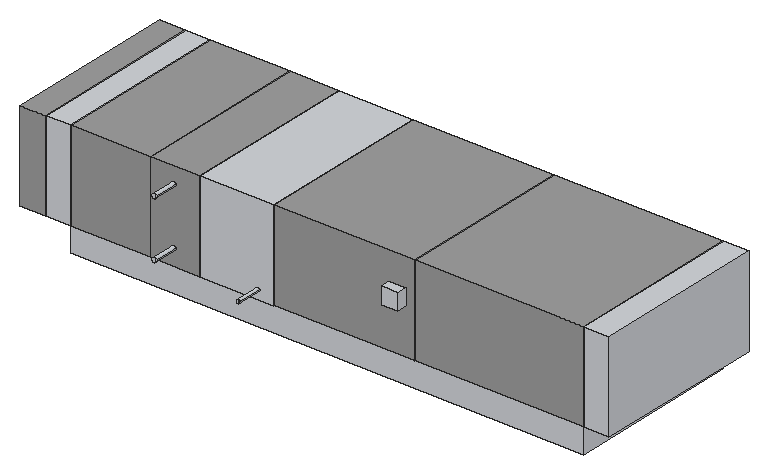
Revit family "Приточная система с водяным нагревом фреоновым охлаждением", category Оборудование, Revit 2021
Family settings
  Размер круглого соединителя = Использовать диаметр
  Классификация = Нет
  Тип детали = Нормальный
  На основе рабочей плоскости = Нет
  Всегда вертикально = Да
  При загрузке вырезать с полостями = Нет
  Общий = Нет
  Точка принадлежности помещению = Нет
Parameters (values of type "1А")
  Ширина ГВ = ADSK_Размер_Ширина  # 850 mm
  Сторона обслуживания [instance] = "Справа"
  Слив конденсата = 15 mm
  Подключение охладителя [instance] = 0 mm
  Подключение нагревателя G [instance] = 20 mm
  Подключение испарителя K [instance] = 16 mm
  Подключение испарителя E = 12 mm
  Отметка по умолчанию = 0 mm
  Коллектор испарителя выход = "1 х 16мм"
  Коллектор испарителя вход = "1 х 12мм"
  Длина секции испарителя [instance] = 361 mm
  Длина секции испарителя CF = 0 mm
  Длина гибкой встаки = 125 mm
  Длина секции шумоглушения SL [instance] = 825 mm
  Длина секции нагревателя HW [instance] = 240 mm
  Длина клапана FC = 120 mm
  Длина секции вентилятора FA [instance] = 690 mm
  Длина секции фильтра F [instance] = 390 mm
  Высота рамы = 0 mm
  Высота ГВ = ADSK_Размер_Высота  # 440 mm
  ADSK_Частота вращения двигателя = 2835
  ADSK_Тип воздушного фильтра [instance] = "G3"
  ADSK_Свободный напор воздуха = 400.0 Pa
  ADSK_Расход холодоносителя = 0.0 m³/h
  ADSK_Расход теплоносителя = 0.82 m³/h
  ADSK_Расход воздуха приточный [instance] = 1200.0 m³/h
  ADSK_Размер_Ширина = 850 mm
  ADSK_Размер_Высота = 440 mm
  ADSK_Полная мощность [instance] = 0.55 kW
  ADSK_Обозначение = "П4.1"
  ADSK_Напряжение = 380 V
  ADSK_Наименование краткое [instance] = "1А"
  ADSK_Масса = 244
Types (17, lengths in mm): name | Ширина ГВ | Слив конденсата | Подключение нагревателя G | Подключение испарителя K | Подключение испарителя E | Коллектор испарителя выход | Коллектор испарителя вход | Длина секции испарителя | Длина секции шумоглушения SL | Длина секции нагревателя HW | Длина секции вентилятора FA | Высота рамы | Высота ГВ | ADSK_Частота вращения двигателя | ADSK_Расход теплоносителя | ADSK_Расход воздуха приточный | ADSK_Размер_Ширина | ADSK_Размер_Высота | ADSK_Полная мощность | ADSK_Обозначение | ADSK_Наименование краткое | ADSK_Масса
  1А | 850 | 15 | 20 | 16 | 12 | "1 х 16мм" | "1 х 12мм" | 361 | 825 | 240 | 690 | 0 | 440 | 2835 | 0.82 m³/h | 1200.0 m³/h | 850 | 440 | 0.55 kW | "П4.1" | "1А" | 244
  2А | 980 | 15 | 20 | 22 | 15 | "1 х 22мм" | "1 х 15мм" | 361 | 825 | 240 | 740 | 0 | 505 | 2830 | 1.71 m³/h | 2500.0 m³/h | 980 | 505 | 1.1 kW | "П4.2" | "2A" | 293
  16B | 2580 | 25 | 65 | 35 | 28 | "4 х 35мм" | "4 х 28мм" | 401 | 862 | 336 | 2440 | 120 | 2580 | 1460 | 23.21 m³/h | 34000.0 m³/h | 2580 | 2580 | 15.0 kW | "П4.16" | "16B" | 1862
  3A | 1080 | 15 | 20 | 22 | 16 | "1 х 22мм" | "1 х 16мм" | 361 | 825 | 240 | 820 | 120 | 695 | 2880 | 2.39 m³/h | 3500.0 m³/h | 1080 | 695 | 1.5 kW | "П4.3" | "3А" | 347
  4A | 1360 | 15 | 25 | 22 | 16 | "1 х 22мм" | "1 х 16мм" | 361 | 825 | 240 | 820 | 120 | 695 | 2880 | 3.07 m³/h | 4500.0 m³/h | 1360 | 695 | 2.2 kW | "П4.4" | "4A" | 402
  5A | 1360 | 15 | 25 | 22 | 16 | "1 х 22мм" | "1 х 16мм" | 361 | 825 | 240 | 850 | 120 | 803 | 2905 | 3.75 m³/h | 5500.0 m³/h | 1360 | 803 | 3.0 kW | "П4.5" | "5A" | 436
  6A | 1580 | 15 | 32 | 35 | 28 | "1 х 35мм" | "1 х 28мм" | 361 | 825 | 240 | 1350 | 120 | 803 | 1455 | 4.4 m³/h | 6500.0 m³/h | 1580 | 803 | 2.2 kW | "П4.6" | "6A" | 525
  7A | 1580 | 15 | 32 | 28 | 22 | "1 х 28мм" | "1 х 22мм" | 361 | 825 | 240 | 1250 | 120 | 990 | 2945 | 5.12 m³/h | 7500.0 m³/h | 1580 | 990 | 4.0 kW | "П4.7" | "7A" | 561
  8A | 1950 | 15 | 32 | 28 | 22 | "1 х 28мм" | "1 х 22мм" | 361 | 825 | 240 | 1380 | 120 | 990 | 1455 | 6.14 m³/h | 9000.0 m³/h | 1950 | 990 | 3.0 kW | "П4.8" | "8A" | 663.3
  9A | 2160 | 15 | 32 | 42 | 28 | "2 х 42мм" | "2 х 28мм" | 361 | 825 | 240 | 1555 | 120 | 1095 | 1460 | 8.19 m³/h | 12000.0 m³/h | 2160 | 1095 | 4.0 kW | "П4.9" | "9A" | 768
  10B | 2040 | 25 | 40 | 35 | 28 | "2 х 35мм" | "2 х 28мм" | 401 | 862 | 281 | 1635 | 120 | 1360 | 1465 | 9.56 m³/h | 14000.0 m³/h | 2040 | 1360 | 5.5 kW | "П4.10" | "10B" | 934.5
  12B | 2040 | 15 | 50 | 20 | 20 | "2 х 35мм" | "2 х 28мм" | 401 | 862 | 305 | 1945 | 120 | 1680 | 1470 | 12.97 m³/h | 19000.0 m³/h | 2040 | 1680 | 11.0 kW | "П4.12" | "12B" | 1110
  11B | 2580 | 25 | 50 | 35 | 28 | "2 х 35мм" | "2 х 28мм" | 401 | 862 | 305 | 1635 | 120 | 1360 | 1465 | 10.92 m³/h | 16000.0 m³/h | 2580 | 1360 | 7.5 kW | "П4.11" | "11B" | 1105
  13B | 2040 | 25 | 50 | 35 | 28 | "3 х 35мм" | "3 х 28мм" | 426 | 862 | 305 | 1945 | 120 | 2040 | 1465 | 15.02 m³/h | 22000.0 m³/h | 2040 | 2040 | 11.0 kW | "П4.13" | "13B" | 1219
  14B | 2580 | 25 | 65 | 35 | 28 | "2 х 35мм" | "2 х 28мм" | 401 | 862 | 305 | 1990 | 120 | 1680 | 1460 | 19.8 m³/h | 29000.0 m³/h | 2580 | 1680 | 15.0 kW | "П4.14" | "14B" | 1307.5
  15B | 2580 | 25 | 50 | 35 | 28 | "3 х 35мм" | "3 х 28мм" | 401 | 862 | 305 | 2120 | 120 | 2040 | 1470 | 21.16 m³/h | 31000.0 m³/h | 2580 | 2040 | 18.5 kW | "П4.15" | "15B" | 1528
  13В | 2040 | 25 | 50 | 35 | 28 | "3 х 35мм" | "3 х 28мм" | 426 | 862 | 305 | 2170 | 120 | 2040 | 975 | 17.07 m³/h | 25000.0 m³/h | 2040 | 2040 | 11.0 kW | "П4.13" | "13B" | 1369
Reference planes
  plane 1 "По центру (Вперед/Назад)": y = 0
  plane 2: z = -120
  plane 3 "По центру (Влево/Вправо)": x = 0
  plane 4 "Ширина": y = -850
  plane 5: x = 510
  plane 6 "Высота": z = 320
  plane 7: x = 750
  plane 8: x = 1801
  plane 9: x = 2626
  plane 10: x = 0
  plane 11: x = -125
  plane 12: x = 2626
  plane 13: z = -120
  plane 14: z = -120
  plane 15: x = 2751
  plane 16: x = 0
  plane 17 "клапан": x = 120
  plane 18 "Рама": z = -240
  plane 19: x = 1111
Forms (mm)
  Extrusion 1, solid, material "По умолчанию"
    sketch origin (0, 0, 0) x (1, 0, 0) y (0, 0, 1)
      loop
        line (120, -120) -> (510, -120) -> (510, 320) -> (120, 320) -> (120, -120)
    from 0 <- "Отметка по умолчанию" to 850 <- "ADSK_Размер_Ширина"
  Extrusion 2, solid, material "По умолчанию"
    sketch origin (390, 0, 0) x (1, 0, 0) y (0, 0, 1)
      loop
        line (120, -120) -> (360, -120) -> (360, 320) -> (120, 320) -> (120, -120)
    from 0 to 850 <- "ADSK_Размер_Ширина"
  Extrusion 3, solid, material "По умолчанию"
    sketch origin (910, 0, 0) x (1, 0, 0) y (0, 0, 1)
      loop
        line (201, -120) -> (891, -120) -> (891, 320) -> (201, 320) -> (201, -120)
    from 0 to 850 <- "ADSK_Размер_Ширина"
  Extrusion 4, solid, material "По умолчанию"
    sketch origin (1570, 0, 0) x (1, 0, 0) y (0, 0, 1)
      loop
        line (231, -120) -> (1056, -120) -> (1056, 320) -> (231, 320) -> (231, -120)
    from 0 to 850 <- "ADSK_Размер_Ширина"
  Extrusion 5, solid, material "По умолчанию"
    sketch origin (-570, 0, 0) x (1, 0, 0) y (0, 0, 1)
      loop
        line (570, 320) -> (445, 320) -> (445, -120) -> (570, -120) -> (570, 320)
    from 0 to 850 <- "Ширина ГВ"
  Extrusion 6, solid
    sketch origin (610, -850, 0) x (1, 0, 0) y (0, 0, 1)
      loop
        circle (15, -40) r 10
      loop
        circle (15, 240) r 10
    from 0 to 120
  Extrusion 7, solid
    sketch origin (900, -850, 0) x (1, 0, 0) y (0, 0, 1)
      loop
        line (779.169, 185) -> (779.169, 105) -> (859.169, 105) -> (859.169, 185) -> (779.169, 185)
    from 0 to 50
  Extrusion 8, solid
    sketch origin (0, 0, 0) x (1, 0, 0) y (0, 0, 1)
      loop
        line (2751, -120) -> (2751, 320) -> (2626, 320) -> (2626, -120) -> (2751, -120)
    from 0 to 850 <- "Ширина ГВ"
  Extrusion 9, solid
    sketch origin (0, -850, 0) x (-1, 0, 0) y (0, 0, 1)
      loop
        line (0, -120) -> (0, 320) -> (-120, 320) -> (-120, -120) -> (0, -120)
    from 0 to 850 <- "ADSK_Размер_Ширина"
  Extrusion 10, solid
    sketch origin (0, 0, 0) x (1, 0, 0) y (0, 0, 1)
      loop
        line (120, -240) -> (2626, -240) -> (2626, -120) -> (120, -120) -> (120, -240)
    from 0 to 850 <- "ADSK_Размер_Ширина"
  Extrusion 11, solid
    sketch origin (0, 0, 0) x (1, 0, 0) y (0, 0, 1)
      loop
        line (750, 320) -> (750, -120) -> (1111, -120) -> (1111, 320) -> (750, 320)
    from 0 to 850 <- "ADSK_Размер_Ширина"
  Extrusion 12, solid, not visible
    sketch origin (930, -850, 0) x (1, 0, 0) y (0, 0, 1)
      loop
        circle (0.5, -40) r 8
      loop
        circle (0.5, 240) r 6
    from 0 to 120
  Extrusion 13, solid
    sketch origin (0, 0, 0) x (1, 0, 0) y (0, 0, 1)
      loop
        circle (1035.309, -77.394) r 7.5
    from 850 to 970
Dimensions and locks
  Extrusion 1 sketch curve to Extrusion 1 sketch curve = 440 mm
  "ADSK_Размер_Высота": level to plane 6 "Высота"
  "Длина секции нагревателя HW": plane 7 to plane 5
  "Длина секции вентилятора FA": plane 8 to plane 19
  "Длина секции шумоглушения SL": plane 9 to plane 8
  Extrusion 2 sketch curve to Extrusion 2 sketch curve = 440 mm
  Extrusion 3 sketch curve to Extrusion 3 sketch curve = 440 mm
  Extrusion 4 sketch curve to Extrusion 4 sketch curve = 440 mm
  "ADSK_Размер_Ширина": plane 1 "По центру (Вперед/Назад)" to plane 4 "Ширина"
  plane 3 "По центру (Влево/Вправо)" to plane 10 = 0 mm
  "Длина гибкой встаки": plane 10 to plane 11
  locked: plane 6 "Высота" to Extrusion 6 sketch curve at 80
  locked: Extrusion 6 sketch curve to level at 80
  equal spacing: plane 7, Extrusion 6 sketch curve, plane 5  (x2)
  locked: Extrusion 7 sketch curve to Extrusion 7 sketch curve at 80  (x2)
  locked: plane 6 "Высота" to Extrusion 7 sketch curve at 135
  plane 8 to Extrusion 7 sketch curve = 41.831 mm
  locked: plane 4 "Ширина" to Extrusion 7 at 50
  level to plane 14 = 0 mm
  "Высота ГВ": Extrusion 5 sketch curve to Extrusion 5 sketch curve
  "Длина гибкой встаки": plane 15 to plane 12
  "Высота ГВ": Extrusion 8 sketch curve to Extrusion 8 sketch curve
  Extrusion 8 sketch curve to level = 0 mm
  "Длина секции испарителя CF": plane 16 to plane 3 "По центру (Влево/Вправо)"
  level to Extrusion 1 = 440 mm
  "Длина клапана FC": plane 17 "клапан" to plane 16
  "Длина секции фильтра F": plane 5 to plane 17 "клапан"
  "Длина секции испарителя": plane 19 to plane 7
  equal spacing: plane 19, Extrusion 12 sketch curve, plane 7  (x2)
  Extrusion 5 to Extrusion 9 = 125 mm  (x2)
  Extrusion 9 to Extrusion 9 = 120 mm  (x2)
  Extrusion 2 to Extrusion 9 = 390 mm
  Extrusion 2 to Extrusion 11 = 240 mm
  Extrusion 11 to Extrusion 11 = 361 mm
  Extrusion 4 to Extrusion 11 = 690 mm
  Extrusion 4 to Extrusion 8 = 825 mm
  Extrusion 8 to Extrusion 8 = 125 mm
  "Подключение нагревателя G": diameter of Extrusion 6 sketch curve  (x2)
  "Подключение испарителя E": diameter of Extrusion 12 sketch curve
  "Подключение испарителя K": diameter of Extrusion 12 sketch curve
  "Слив конденсата": diameter of Extrusion 13 sketch curve
  aligned and locked: level to plane 2
  aligned and locked: plane 5 to Extrusion 1
  aligned and locked: plane 6 "Высота" to Extrusion 1
  aligned and locked: Extrusion 1 to level
  aligned and locked: Extrusion 1 to plane 4 "Ширина"
  aligned and locked: plane 7 to Extrusion 2
  aligned and locked: plane 8 to Extrusion 3
  aligned and locked: plane 9 to Extrusion 4
  aligned and locked: Extrusion 2 to Extrusion 1  (x2)
  aligned and locked: Extrusion 4 to plane 8
  aligned and locked: Extrusion 4 to Extrusion 1
  aligned and locked: Extrusion 3 to Extrusion 1
  aligned and locked: Extrusion 1 to Extrusion 2
  aligned and locked: Extrusion 1 to Extrusion 3
  aligned and locked: Extrusion 1 to Extrusion 4
  aligned and locked: Extrusion 2 to level
  aligned and locked: Extrusion 3 to level
  aligned and locked: Extrusion 4 to level
  aligned and locked: plane 4 "Ширина" to Extrusion 7
  aligned and locked: plane 10 to Extrusion 5 sketch curve
  aligned and locked: Extrusion 5 sketch curve to plane 11
  aligned and locked: Extrusion 8 sketch curve to plane 15
  aligned and locked: plane 12 to Extrusion 8 sketch curve
  aligned and locked: level to Extrusion 5 sketch curve
  aligned and locked: Extrusion 1 to plane 17 "клапан"
  aligned and locked: plane 9 to plane 12
  aligned and locked: Extrusion 5 to Extrusion 9 sketch curve
  aligned and locked: Extrusion 9 sketch curve to Extrusion 5
  aligned and locked: Extrusion 1 to Extrusion 9 sketch curve
  aligned and locked: Extrusion 9 sketch curve to Extrusion 1
  aligned and locked: Extrusion 10 sketch curve to plane 18 "Рама"
  aligned and locked: Extrusion 10 sketch curve to level
  aligned and locked: Extrusion 10 sketch curve to plane 17 "клапан"
  aligned and locked: plane 9 to Extrusion 10 sketch curve
  aligned and locked: Extrusion 3 to plane 19
  aligned and locked: Extrusion 11 sketch curve to plane 6 "Высота"
  aligned and locked: level to Extrusion 11 sketch curve
  aligned and locked: plane 7 to Extrusion 11 sketch curve
  aligned and locked: Extrusion 11 sketch curve to plane 19
  aligned and locked: Extrusion 12 to Extrusion 1
  aligned and locked: Extrusion 13 to Extrusion 1
  aligned and locked: Extrusion 6 to Extrusion 13
Automatic sketch dimensions
  Extrusion 1 sketch curve to plane 6 "Высота" = 0 mm
  Extrusion 1 sketch curve to plane 17 "клапан" = 0 mm
  Extrusion 1 sketch curve to plane 5 = 0 mm
  Extrusion 2 sketch curve to plane 5 = 0 mm
  Extrusion 2 sketch curve to plane 6 "Высота" = 0 mm
  Extrusion 2 sketch curve to plane 7 = 0 mm
  Extrusion 3 sketch curve to plane 6 "Высота" = 0 mm
  Extrusion 3 sketch curve to plane 19 = 0 mm
  Extrusion 3 sketch curve to plane 8 = 0 mm
  Extrusion 4 sketch curve to plane 6 "Высота" = 0 mm
  Extrusion 4 sketch curve to plane 8 = 0 mm
  Extrusion 4 sketch curve to plane 9 = 0 mm
  Extrusion 6 sketch curve to Extrusion 2 = 115 mm  (x2)
  Extrusion 13 sketch curve to plane 19 = 75.691 mm
  level to Extrusion 13 sketch curve = 42.606 mm
  Extrusion 12 sketch curve to Extrusion 2 = 80 mm  (x2)
Connectors
  electrical at (1719.169, -900, 145), driven by "ADSK_Полная мощность"
    settings: on Extrusion 7, index 3, voltage 380 V, apparent load 0.0 kW, apparent load phase1 0.55 kW, apparent load phase2 0.0 kW, apparent load phase3 0.0 kW, power factor 1, load classification "Прочее", number of poles 1, system type 31, power factor state 1, is connector primary yes, connector utility no, sub classification motor yes, connector description ""
  hvac at (-125, -425, 100), driven by "Высота ГВ", driven by "Ширина ГВ", driven by "ADSK_Расход воздуха приточный"
    settings: on Extrusion 5, index 4, duct flow 1200.0 m³/h, flow factor 0, pres drop 0.0 Pa, loss coef 0, conn angle 0.00°, conn width 850 mm, conn height 440 mm, conn diameter 609.6 mm, duct sys type 1, conn prof type 1, flow config 0, flow direction 2, loss method 0, conn ref index -1, conn util yes, is conn primary yes, conn desc ""
  hvac at (2751, -425, 100), driven by "Высота ГВ", driven by "Ширина ГВ", driven by "ADSK_Расход воздуха приточный"
    settings: on Extrusion 8, index 5, duct flow 1200.0 m³/h, flow factor 0, pres drop 0.0 Pa, loss coef 0, conn angle 0.00°, conn width 850 mm, conn height 440 mm, conn diameter 609.6 mm, duct sys type 1, conn prof type 1, flow config 0, flow direction 1, loss method 0, conn ref index -1, conn util yes, is conn primary no, conn desc ""
  piping at (625, -970, 240), diameter 20, driven by "Подключение нагревателя G", driven by "ADSK_Расход теплоносителя"
    settings: on Extrusion 6, index 6, connector inside diameter 609.6 mm, connector length 0 mm, flow factor 0, pipe flow 0.82 m³/h, pressure drop 0.0 Pa, fitting loss kfactor 0, connector angle 0.00°, fixture units 0, engagement length 0 mm, angle of deflection 0.00°, flow configuration 0, flow direction 0, fitting loss method 0, system type 19, joint type 0, gender type 0, connector reference index -1, connector utility 0, adjustable connector no, is connector primary yes, connector description ""
  piping at (625, -970, -40), diameter 20, driven by "Подключение нагревателя G", driven by "ADSK_Расход теплоносителя"
    settings: on Extrusion 6, index 7, connector inside diameter 609.6 mm, connector length 0 mm, flow factor 0, pipe flow 0.82 m³/h, pressure drop 0.0 Pa, fitting loss kfactor 0, connector angle 0.00°, fixture units 0, engagement length 0 mm, angle of deflection 0.00°, flow configuration 0, flow direction 0, fitting loss method 0, system type 19, joint type 0, gender type 0, connector reference index -1, connector utility 0, adjustable connector no, is connector primary no, connector description ""
  piping at (1035.309, -970, -77.394), diameter 15, driven by "Слив конденсата"
    settings: on Extrusion 13, index 12, connector inside diameter 609.6 mm, connector length 0 mm, flow factor 0, pipe flow 0.0 m³/h, pressure drop 0.0 Pa, fitting loss kfactor 0, connector angle 0.00°, fixture units 0, engagement length 0 mm, angle of deflection 0.00°, flow configuration 0, flow direction 0, fitting loss method 0, system type 7, joint type 0, gender type 0, connector reference index -1, connector utility 0, adjustable connector no, is connector primary no, connector description ""
  piping at (930.5, -970, 240), diameter 12, driven by "Подключение испарителя E"
    settings: on Extrusion 12, index 13, connector inside diameter 609.6 mm, connector length 0 mm, flow factor 0, pipe flow 0.0 m³/h, pressure drop 0.0 Pa, fitting loss kfactor 0, connector angle 0.00°, fixture units 0, engagement length 0 mm, angle of deflection 0.00°, flow configuration 0, flow direction 0, fitting loss method 0, system type 7, joint type 0, gender type 0, connector reference index -1, connector utility 0, adjustable connector no, is connector primary no, connector description ""
  piping at (930.5, -970, -40), diameter 16, driven by "Подключение испарителя K"
    settings: on Extrusion 12, index 14, connector inside diameter 609.6 mm, connector length 0 mm, flow factor 0, pipe flow 0.0 m³/h, pressure drop 0.0 Pa, fitting loss kfactor 0, connector angle 0.00°, fixture units 0, engagement length 0 mm, angle of deflection 0.00°, flow configuration 0, flow direction 0, fitting loss method 0, system type 7, joint type 0, gender type 0, connector reference index -1, connector utility 0, adjustable connector no, is connector primary no, connector description ""
